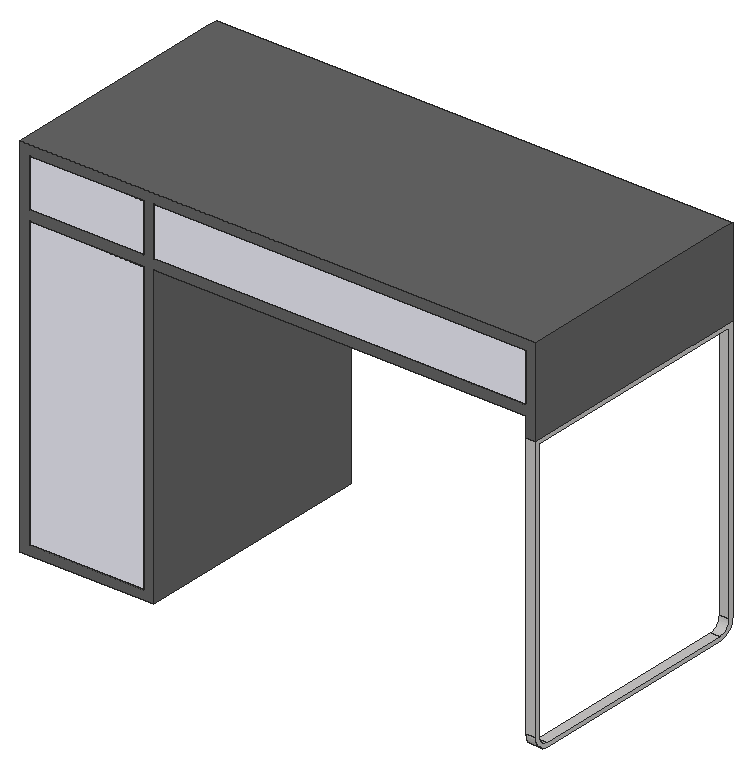
Revit family
Parameters
  Width = 1050 mm
  Shelwing Height = 140 mm
  Panel Thicknes = 20 mm
  Leg Height = Height - Panel Thicknes  # 730 mm
  Leg = Steel - Satin Brushed
  Height = 750 mm
  Frame Material = Paint - Black
  Extr = Shelwing Height + Panel Thicknes * 2  # 180 mm
  Drawer Panel = Paint - Cool White
  Divider Width = 8.935 mm
  Depth = 500 mm
  Curve = 30 mm
  Assembly Code = ""
Reference planes
  plane 1 "Centre (Front/Back)": y = 0
  plane 2: z = 0
  plane 3 "Centre (Left/Right)": x = 0
  plane 4 "Left": x = -525
  plane 5 "Right": x = 525
  plane 6 "Back": y = 250
  plane 7 "Front": y = -250
  plane 8: z = 750
  plane 9: z = 610
  plane 10: x = -252.5
Forms (mm)
  Extrusion 1, solid, material "Paint - Black" <- "Frame Material"
    sketch origin (0, 0, 0) x (1, 0, 0) y (0, 1, 0)
      loop
        line (-525, -250) -> (-505, -250) -> (-505, 250) -> (-525, 250) -> (-525, -250)
    from 0 to 730 <- "Leg Height"
  Extrusion 2, solid, material "Paint - Black" <- "Frame Material"
    sketch origin (0, 250, 0) x (-1, 0, 0) y (0, 0, 1)
      loop
        line (525, 750) -> (-525, 750) -> (-525, 730) -> (525, 730) -> (525, 750)
    from -500 to 0
  Extrusion 3, solid, material "Paint - Black" <- "Frame Material"
    sketch origin (0, 250, -160) x (-1, 0, 0) y (0, 0, 1)
      loop
        line (525, 790) -> (-525, 790) -> (-525, 770) -> (525, 770) -> (525, 790)
    from -500 to 0
  Extrusion 4, solid, material "Paint - Black" <- "Frame Material"
    sketch origin (0, 250, 0) x (-1, 0, 0) y (0, 0, 1)
      loop
        line (-525, 750) -> (-525, 570) -> (-505, 570) -> (-505, 750) -> (-525, 750)
    from -500 to 0
  Extrusion 5, solid, material "Paint - Cool White" <- "Drawer Panel"
    sketch origin (0, -250, 0) x (1, 0, 0) y (0, 0, 1)
      loop
        line (-504, 729) -> (-504, 631) -> (-273.5, 631) -> (-273.5, 729) -> (-504, 729)
      loop
        line (504, 631) -> (504, 729) -> (-251.5, 729) -> (-251.5, 631) -> (504, 631)
      loop
        line (-504, 609) -> (-504, 21) -> (-273.5, 21) -> (-273.5, 609) -> (-504, 609)
    from -20 to 0
  Extrusion 6, solid, material "Steel - Satin Brushed" <- "Leg"
    sketch origin (0, 0, 0) x (0, 1, 0) y (0, 0, 1)
      loop
        line (250, 570) -> (-250, 570) -> (-250, 30)
        arc (-250, 30) -> (-241.213, 8.787) -> (-220, 0) r 30
        line (-220, 0) -> (220, 0)
        arc (220, 0) -> (241.213, 8.787) -> (250, 30) r 30
        line (250, 30) -> (250, 570)
      loop
        line (242, 30) -> (242, 562) -> (-242, 562) -> (-242, 30)
        arc (-242, 30) -> (-235.556, 14.444) -> (-220, 8) r 22
        line (-220, 8) -> (220, 8)
        arc (220, 8) -> (235.556, 14.444) -> (242, 30) r 22
    from 505 to 525
  Extrusion 7, solid, material "Paint - Black" <- "Frame Material"
    sketch origin (252.5, 0, 0) x (1, 0, 0) y (0, 1, 0)
      loop
        line (-525, -250) -> (-505, -250) -> (-505, 250) -> (-525, 250) -> (-525, -250)
    from 0 to 730 <- "Leg Height"
  Extrusion 8, solid, material "Paint - Black" <- "Frame Material"
    sketch origin (0, 250, 0) x (-1, 0, 0) y (0, 0, 1)
      loop
        line (525, 0) -> (525, 20) -> (252.5, 20) -> (252.5, 0) -> (525, 0)
    from -500 to 0
  Extrusion 9, solid, material "Paint - Black" <- "Frame Material"
    sketch origin (0, 250, 0) x (-1, 0, 0) y (0, 0, 1)
      loop
        line (525, 0) -> (525, 750) -> (-525, 750) -> (-525, 610) -> (252.5, 610) -> (252.5, 0) -> (525, 0)
    from -20 to 0
Cuts and joins
  joined: Extrusion 1, Extrusion 2, Extrusion 3, Extrusion 4, Extrusion 7, Extrusion 8, Extrusion 9
Dimensions and locks
  "Width": plane 4 "Left" to plane 5 "Right"
  equal spacing: plane 4 "Left", plane 3 "Centre (Left/Right)", plane 5 "Right"
  "Depth": plane 6 "Back" to plane 7 "Front"
  equal spacing: plane 7 "Front", plane 1 "Centre (Front/Back)", plane 6 "Back"
  "Height": plane 8 to plane 2
  "Panel Thicknes": Extrusion 1 sketch curve to Extrusion 1 sketch curve
  "Panel Thicknes": Extrusion 2 sketch curve to Extrusion 2 sketch curve
  "Panel Thicknes": Extrusion 3 sketch curve to Extrusion 3 sketch curve
  "Shelwing Height": plane 8 to plane 9
  "Panel Thicknes": plane 5 "Right" to Extrusion 4 sketch curve
  "Extr": plane 8 to Extrusion 4 sketch curve
  "Panel Thicknes": plane 7 "Front" to Extrusion 5
  "Panel Thicknes": plane 5 "Right" to Extrusion 6
  equal spacing: plane 3 "Centre (Left/Right)", plane 10, cut or joined group of Extrusion 1, Extrusion 2, Extrusion 3, Extrusion 4, Extrusion 7, Extrusion 8, Extrusion 9
  "Panel Thicknes": Extrusion 7 sketch curve to Extrusion 7 sketch curve
  "Panel Thicknes": Extrusion 7 to plane 10
  "Panel Thicknes": Extrusion 8 sketch curve to plane 2
  "Panel Thicknes": plane 6 "Back" to Extrusion 9
  "Curve": radius of Extrusion 6 sketch curve  (x2)
  aligned and locked: plane 4 "Left" to Extrusion 1 sketch curve
  aligned and locked: Extrusion 1 sketch curve to plane 6 "Back"
  aligned and locked: Extrusion 1 sketch curve to plane 7 "Front"
  aligned and locked: plane 4 "Left" to Extrusion 2 sketch curve
  aligned and locked: Extrusion 2 sketch curve to plane 8
  aligned and locked: Extrusion 2 sketch curve to plane 5 "Right"
  aligned and locked: plane 7 "Front" to Extrusion 2
  aligned and locked: plane 6 "Back" to Extrusion 2
  aligned and locked: plane 9 to Extrusion 3
  aligned and locked: plane 5 "Right" to cut or joined group of Extrusion 1, Extrusion 2, Extrusion 3, Extrusion 4, Extrusion 7, Extrusion 8, Extrusion 9  (x2)
  aligned and locked: cut or joined group of Extrusion 1, Extrusion 2, Extrusion 3, Extrusion 4, Extrusion 7, Extrusion 8, Extrusion 9 to plane 4 "Left"
  aligned and locked: plane 6 "Back" to cut or joined group of Extrusion 1, Extrusion 2, Extrusion 3, Extrusion 4, Extrusion 7, Extrusion 8, Extrusion 9
  aligned and locked: plane 7 "Front" to cut or joined group of Extrusion 1, Extrusion 2, Extrusion 3, Extrusion 4, Extrusion 7, Extrusion 8, Extrusion 9
  aligned and locked: plane 5 "Right" to Extrusion 4 sketch curve
  aligned and locked: plane 8 to Extrusion 4 sketch curve
  aligned and locked: plane 7 "Front" to Extrusion 4
  aligned and locked: plane 6 "Back" to Extrusion 4
  aligned and locked: Extrusion 6 sketch curve to cut or joined group of Extrusion 1, Extrusion 2, Extrusion 3, Extrusion 4, Extrusion 7, Extrusion 8, Extrusion 9  (x2)
  aligned and locked: cut or joined group of Extrusion 1, Extrusion 2, Extrusion 3, Extrusion 4, Extrusion 7, Extrusion 8, Extrusion 9 to Extrusion 6 sketch curve  (x2)
  aligned and locked: plane 5 "Right" to Extrusion 6
  aligned and locked: Extrusion 7 to level
  aligned and locked: Extrusion 7 to plane 10
  aligned and locked: Extrusion 8 sketch curve to level
  aligned and locked: plane 4 "Left" to Extrusion 8 sketch curve
  aligned and locked: plane 10 to Extrusion 8 sketch curve
  aligned and locked: plane 7 "Front" to Extrusion 8
  aligned and locked: plane 6 "Back" to Extrusion 8
  aligned and locked: Extrusion 9 sketch curve to cut or joined group of Extrusion 1, Extrusion 2, Extrusion 3, Extrusion 4, Extrusion 7, Extrusion 8, Extrusion 9  (x5)
  aligned and locked: cut or joined group of Extrusion 1, Extrusion 2, Extrusion 3, Extrusion 4, Extrusion 7, Extrusion 8, Extrusion 9 to Extrusion 9 sketch curve
Automatic sketch dimensions
  Extrusion 3 sketch curve to plane 5 "Right" = 0 mm
  Extrusion 3 sketch curve to plane 4 "Left" = 0 mm
  Extrusion 3 sketch curve to plane 9 = 0 mm
  Extrusion 6 sketch curve to Extrusion 6 sketch curve = 0 mm  (x4)
  Extrusion 6 sketch curve to plane 7 "Front" = 8 mm
  Extrusion 6 sketch curve to Extrusion 6 sketch curve = 8 mm
  Extrusion 7 sketch curve to plane 6 "Back" = 0 mm
  plane 7 "Front" to Extrusion 7 sketch curve = 0 mm
  Extrusion 7 sketch curve to plane 10 = 0 mm
  Extrusion 5 sketch curve to plane 9 = 1 mm
  plane 4 "Left" to Extrusion 5 sketch curve = 21 mm  (x2)
  plane 10 to Extrusion 5 sketch curve = 21 mm  (x2)
  Extrusion 5 sketch curve to plane 10 = 1 mm
  Extrusion 5 sketch curve to plane 5 "Right" = 21 mm
  level to Extrusion 5 sketch curve = 21 mm
  plane 9 to Extrusion 5 sketch curve = 21 mm  (x2)
  Extrusion 5 sketch curve to plane 8 = 21 mm  (x2)
